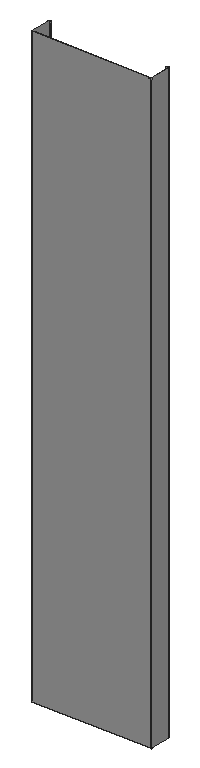
Revit family "Kabelrinne_SKS_160FT_FTSO", category Generic Models, Revit 2017
Family settings
  Can host rebar = No
  Round Connector Dimension = Use Diameter
  Part Type = Normal
  Work Plane-Based = No
  Always vertical = Yes
  Cut with Voids When Loaded = No
  Shared = No
  Room Calculation Point = No
Parameters (values of type "SKS 160 FT SO")
  Width = 600 mm
  URL = "http://www.obo-bettermann.com"
  Material = Hot-dip galvanised 85 µm
  Manufacturer Art.No. = "7196026"
  Manufacturer = "OBO BETTERMANN"
  Length = 3000 mm
  GTIN = "4012195893998"
  Article Type = "SKS 160 FT SO"
Types (3, lengths in mm): name | Material | Manufacturer Art.No. | GTIN | Article Type
  (no name) | Hot-dip galvanised 85 µm | "7196026" | "4012195893998" | "SKS 160 FT SO"
  SKS 160 FT | Hot dip galvanised | "6061733" | "4012195778684" | "SKS 160 FT"
  SKS 160 FT SO | Hot-dip galvanised 85 µm | "7196026" | "4012195893998" | "SKS 160 FT SO"
Reference planes
  plane 1 "Center (Front/Back)": y = 0
  plane 2: z = 0
  plane 3 "Center (Left/Right)": x = 0
  plane 4: y = 105.338
  plane 5: y = 105.338
  plane 6: z = 3000
  plane 7: x = 600
Forms (mm)
  Extrusion 1, solid, material "Hot-dip galvanised 85 µm" <- "Material"
    sketch origin (0, 0, 0) x (1, 0, 0) y (0, 1, 0)
      loop
        arc (0, 3) -> (0.879, 0.879) -> (3, 0) r 3
        line (3, 0) -> (597, 0)
        arc (597, 0) -> (599.121, 0.879) -> (600, 3) r 3
        line (600, 3) -> (600, 105.338)
        arc (600, 105.338) -> (594, 111.338) -> (588, 105.338) r 6
        line (588, 105.338) -> (588, 102.338) -> (589.5, 102.338) -> (589.5, 105.338)
        arc (589.5, 105.338) -> (594, 109.838) -> (598.5, 105.338) r 4.5
        line (598.5, 105.338) -> (598.5, 3)
        arc (598.5, 3) -> (598.061, 1.939) -> (597, 1.5) r 1.5
        line (597, 1.5) -> (3, 1.5)
        arc (3, 1.5) -> (1.939, 1.939) -> (1.5, 3) r 1.5
        line (1.5, 3) -> (1.5, 105.338)
        arc (1.5, 105.338) -> (6, 109.838) -> (10.5, 105.338) r 4.5
        line (10.5, 105.338) -> (10.5, 102.338) -> (12, 102.338) -> (12, 105.338)
        arc (12, 105.338) -> (6, 111.338) -> (0, 105.338) r 6
        line (0, 105.338) -> (0, 3)
    from 0 to 3000
Dimensions and locks
  locked: plane 4 to Extrusion 1 sketch curve at 3
  locked: Extrusion 1 sketch curve to Extrusion 1 sketch curve at 111.338  (x2)
  locked: Extrusion 1 sketch curve to Extrusion 1 sketch curve at 1.5  (x4)
  Extrusion 1 sketch curve to Extrusion 1 sketch curve = 1.5 mm
  locked: Extrusion 1 sketch curve to Extrusion 1 sketch curve at 9  (x2)
  "Width": plane 3 "Center (Left/Right)" to plane 7
  "Length": plane 6 to level
  aligned and locked: level to plane 2
  aligned and locked: plane 1 "Center (Front/Back)" to Extrusion 1 sketch curve
  aligned and locked: Extrusion 1 to plane 3 "Center (Left/Right)"
  aligned and locked: Extrusion 1 to level
  aligned and locked: plane 7 to Extrusion 1
  aligned and locked: Extrusion 1 to plane 2
  aligned and locked: Extrusion 1 to plane 6
Automatic sketch dimensions
  Extrusion 1 sketch curve to Extrusion 1 sketch curve = 0 mm  (x6)
  Extrusion 1 sketch curve to plane 3 "Center (Left/Right)" = 0 mm
  Extrusion 1 sketch curve to plane 4 = 0 mm
  plane 3 "Center (Left/Right)" to Extrusion 1 sketch curve = 3 mm
  Extrusion 1 sketch curve to Extrusion 1 sketch curve = 1.5 mm
  plane 4 to Extrusion 1 sketch curve = 0 mm
  Extrusion 1 sketch curve to plane 7 = 0 mm
